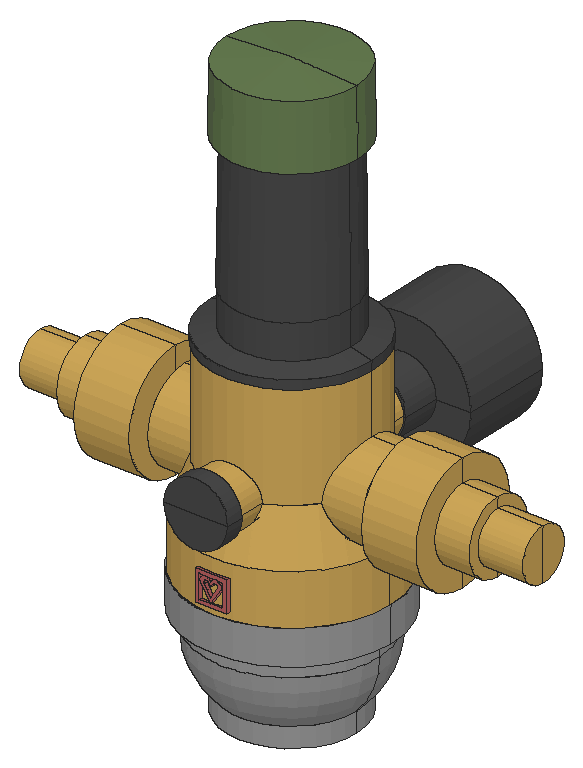
Revit family "HERZ Diaphragm Pressure Reducing Valve With Plastic Cap 2682", category Rohrzubehör, Revit 2019
Family settings
  Bemaßung runder Anschluss = Durchmesser verwenden
  Teiletyp = Unterbricht
  OmniClass-Nummer = 23.65.55.14
  OmniClass-Titel = Valves for Liquid Services
  Arbeitsebenenbasiert = Nein
  Immer vertikal = Ja
  Beim Laden mit Abzugskörper schneiden = Nein
  Gemeinsam genutzt = Nein
Parameters (values of type "Manometer back")
  Part number [instance] = size_lookup("2682_K_", "Artnr", 0, Nennweite)  # 1268211
  Note = "Pursuant to Article 33 of the REACH Regulation (EC No. 1907/2006), we are obliged to point out that the material lead is listed on the SVHC list and that all brass components manufactured in our products exceed 0.1% (w / w) lead (CAS: 7439-92-1 / EINECS: 231-100-4).\r\nSince lead is a component part of an alloy, actual exposure is not possible and therefore no additional information on safe use is necessary."
  Factory settings = 300000.0 Pa  # constant formula
  W01 = 91.00°  # constant formula
  Vorne [instance] = no
  VRL03 [instance] = size_lookup("2682_K_", "VRL3", 1.000 mm, Nennweite)  # 23.500 mm
  VRL02 [instance] = size_lookup("2682_K_", "VRL2", 1.000 mm, Nennweite)  # 16.000 mm
  VRL01 [instance] = size_lookup("2682_K_", "VRL1", 1.000 mm, Nennweite)  # 73.500 mm
  VRD02 [instance] = size_lookup("2682_K_", "VRD2", 1.000 mm, Nennweite)  # 17.000 mm
  VRD01 [instance] = size_lookup("2682_K_", "VRD1", 1.000 mm, Nennweite)  # 10.500 mm
  VRAG [instance] = Nennweite / 2  # 7.500 mm
  URL = "www.herzvalves.com"
  Standard = "EN 1567"  # constant formula
  Spring = "spring steel"  # constant formula
  SC_NennweiteBerechnet = 0
  SC_Dimension = ""
  SCTWSEQ = "AW;SBT_TYP_AW=\"111\";2"
  SCTWCODE = "04;24;02"  # constant formula
  S02 = 10.000 mm  # constant formula
  S01 [instance] = VRD02 * 2  # 34.000 mm
  R07 [instance] = R05 + 0.800 mm  # 9.300 mm
  R06 = 19.500 mm  # constant formula
  R05 [instance] = size_lookup("2682_K_", "R5", 1.000 mm, Nennweite)  # 8.500 mm
  R04 [instance] = size_lookup("2682_K_", "R4", 1.000 mm, Nennweite)  # 18.900 mm
  R03 [instance] = size_lookup("2682_K_", "R3", 1.000 mm, Nennweite)  # 19.250 mm
  R02 [instance] = size_lookup("2682_K_", "R2", 1.000 mm, Nennweite)  # 28.750 mm
  R01 [instance] = size_lookup("2682_K_", "R1", 1.000 mm, Nennweite)  # 23.250 mm
  Upper part = "PA6.6"  # constant formula
  Nennweite [instance] = 15.000 mm
  Max. operating temperature = 40 °C  # constant formula
  Diaphragm = "EPDM"  # constant formula
  Medium = "water"  # constant formula
  Max. inlet pressure = 1600000.0 Pa  # constant formula
  Manometer scale = "0 - 10 bar"  # constant formula
  Pressure gauge connectors = "1/4\" F (ISO 228-1)"
  LO01 [instance] = H02 - 2.000 mm  # 27.000 mm
  L01 [instance] = size_lookup("2682_K_", "L1", 1.000 mm, Nennweite)  # 10.600 mm
  L00 [instance] = size_lookup("2682_K_", "L", 1.000 mm, Nennweite)  # 84.000 mm
  Bottom cover = "PA12, transparent"  # constant formula
  Hinten [instance] = yes
  Hersteller = "HERZ Armaturen Ges.m.b.H."  # constant formula
  Handle = "PA 6.6, green"  # constant formula
  H12 [instance] = size_lookup("2682_K_", "H12", 1.000 mm, Nennweite)  # 5.800 mm
  H11 [instance] = size_lookup("2682_K_", "H11", 1.000 mm, Nennweite)  # 10.000 mm
  H10 [instance] = size_lookup("2682_K_", "H10", 1.000 mm, Nennweite)  # 37.000 mm
  H09 [instance] = H01 + H04 - H05  # 84.500 mm
  H08 [instance] = size_lookup("2682_K_", "H8", 1.000 mm, Nennweite)  # 20.000 mm
  H07 [instance] = size_lookup("2682_K_", "H7", 1.000 mm, Nennweite)  # 10.000 mm
  H06 [instance] = size_lookup("2682_K_", "H6", 1.000 mm, Nennweite)  # 2.500 mm
  H05 [instance] = size_lookup("2682_K_", "H5", 1.000 mm, Nennweite)  # 4.700 mm
  H04 [instance] = size_lookup("2682_K_", "H4", 1.000 mm, Nennweite)  # 58.700 mm
  H03 [instance] = D02 + 1.000 mm  # 14.220 mm
  H02 [instance] = size_lookup("2682_K_", "H2", 1.000 mm, Nennweite)  # 29.000 mm
  H01 [instance] = size_lookup("2682_K_", "H1", 1.000 mm, Nennweite)  # 30.500 mm
  GT1 [instance] = size_lookup("2682_K_", "GT1", 1.000 mm, Nennweite)  # 12.000 mm
  GT [instance] = size_lookup("2682_K_", "GT", 1.000 mm, Nennweite)  # 13.200 mm
  Filter = "stainless stee, mesh size 0.3 mm"  # constant formula
  Spring guide = "stainless steel"  # constant formula
  Outlet pressure range = "1.5 - 6 bar"  # constant formula
  Sealing = "EPDM"  # constant formula
  D09 [instance] = size_lookup("2682_K_", "D9", 1.000 mm, Nennweite)  # 19.000 mm
  D08 [instance] = size_lookup("2682_K_", "D8", 1.000 mm, Nennweite)  # 25.800 mm
  D07 [instance] = size_lookup("2682_K_", "D7", 1.000 mm, Nennweite)  # 29.000 mm
  D06 [instance] = size_lookup("2682_K_", "D6", 1.000 mm, Nennweite)  # 16.000 mm
  D05 [instance] = size_lookup("2682_K_", "D5", 1.000 mm, Nennweite)  # 16.800 mm
  D04 [instance] = size_lookup("2682_K_", "D4", 1.000 mm, Nennweite)  # 17.300 mm
  D03 [instance] = size_lookup("2682_K_", "D3", 1.000 mm, Nennweite)  # 23.500 mm
  D02 [instance] = size_lookup("2682_K_", "D2", 1.000 mm, Nennweite)  # 13.220 mm
  D01 [instance] = size_lookup("2682_K_", "D1", 1.000 mm, Nennweite)  # 9.525 mm
  Body = "forged brass acc. to EN 12165; CW626N"  # constant formula
  B03 = 5.000 mm  # constant formula
  B02 = 26.000 mm  # constant formula
  B01 [instance] = size_lookup("2682_K_", "B1", 1.000 mm, Nennweite)  # 30.000 mm
  B00 [instance] = size_lookup("2682_K_", "B", 1.000 mm, Nennweite)  # 67.000 mm
  External thread = "acc. to ISO 7-1 and ISO228"  # constant formula
  Application = "The pressure reducing valve protects installations against over pressure (reduces input pressure to a working level).\r\nIt can also be used in heating systems to protect boiler against increased pressure.\r\nThe outlet pressure is adjustable and does not vary with changes of the inlet pressure.\r\nThe outlet pressure can be adjusted by turning the green handle.\r\nTurning the handle clockwise increases the outlet pressure.\r\nTurning above the stated values on the pressure reducer scale may damage the valve.\r\nWe recommend the max. outlet pressure of 4 bar for private house installations (product long life, costs,...).\r\nAfter each new setting of the outlet pressure, the regulated pipe has to be opened and closed."
Types (3, lengths in mm): name | Note | Vorne | URL | Hinten | Application
  (no name) | "Pursuant to Article 33 of the REACH Regulation (EC No. 1907/2006), we are obliged to point out that the material lead is listed on the SVHC list and that all brass components manufactured in our products exceed 0.1% (w / w) lead (CAS: 7439-92-1 / EINECS: 231-100-4).\r\nSince lead is a component part of an alloy, actual exposure is not possible and therefore no additional information on safe use is necessary." | no | "www.herzvalves.com" | yes | "The pressure reducing valve protects installations against over pressure (reduces input pressure to a working level).\r\nIt can also be used in heating systems to protect boiler against increased pressure.\r\nThe outlet pressure is adjustable and does not vary with changes of the inlet pressure.\r\nThe outlet pressure can be adjusted by turning the green handle.\r\nTurning the handle clockwise increases the outlet pressure.\r\nTurning above the stated values on the pressure reducer scale may damage the valve.\r\nWe recommend the max. outlet pressure of 4 bar for private house installations (product long life, costs,...).\r\nAfter each new setting of the outlet pressure, the regulated pipe has to be opened and closed."
  Manometer front | "Gemäß Art 33 der REACH-Verordnung (EG Nr. 1907/2006) sind wir verpflichtet, darauf hinzuweisen, dass der Stoff Blei auf der SVHC-Liste geführt wird und dass alle aus Messing bestehenden Bauteile, die in unseren Erzeugnissen verarbeitet sind, mehr als 0,1 % (w/w) Blei (CAS: 7439-92-1 / EINECS: 231-100-4) enthalten.\r\nDa Blei als Legierungsbestandteil fest gebunden ist, sind keine Expositionen zu erwarten und daher sind keine zusätzlichen Angaben zur sicheren Verwendung notwendig." | yes | "www.herz-armaturen.at" | no | "Typischerweise dient der Druckreduzierer dazu, Installationen beziehungsweise Anlagen vor zu hohem Druck zu schützen.\r\nWeiters können Druckreduzierer in Heizungsanlagen eingesetzt werden, um zu hohe Drücke im Boiler zu verhindern.\r\nDer Druck nach dem Druckreduzierer ist im angegebenen Bereich einstellbar und steht nicht im Zusammenhang mit dem Vordruck.\r\nUm den Druck nach dem Druckreduzierer zu steigern, muss der Handgriff im Uhrzeigersinn gedreht werden.\r\nDurch das Einstellen von Drücken, welche die vorgegebene Skala überschreiten, können Schäden am Druckreduzierer entstehen.\r\nWir empfehlen einen maximalen Hinterdruck sekundärseitig von 4 bar für Anlagen in privaten Haushalten (lange Produktlebensdauer, geringe Kosten).\r\nNach jeder Änderung des Einstellwertes muss die Ausgangsseite druckentlastet werden, zum Beispiel durch Wasserzapfen."
  Manometer back | "Pursuant to Article 33 of the REACH Regulation (EC No. 1907/2006), we are obliged to point out that the material lead is listed on the SVHC list and that all brass components manufactured in our products exceed 0.1% (w / w) lead (CAS: 7439-92-1 / EINECS: 231-100-4).\r\nSince lead is a component part of an alloy, actual exposure is not possible and therefore no additional information on safe use is necessary." | no | "www.herzvalves.com" | yes | "The pressure reducing valve protects installations against over pressure (reduces input pressure to a working level).\r\nIt can also be used in heating systems to protect boiler against increased pressure.\r\nThe outlet pressure is adjustable and does not vary with changes of the inlet pressure.\r\nThe outlet pressure can be adjusted by turning the green handle.\r\nTurning the handle clockwise increases the outlet pressure.\r\nTurning above the stated values on the pressure reducer scale may damage the valve.\r\nWe recommend the max. outlet pressure of 4 bar for private house installations (product long life, costs,...).\r\nAfter each new setting of the outlet pressure, the regulated pipe has to be opened and closed."
Reference planes
  plane 1 "Mitte (Vorne/hinten)": y = 0
  plane 2: z = 0
  plane 3 "Mitte (Links/rechts)": x = 0
Forms (mm)
  Revolve 1, solid, material "Messing, weicher Gelbton, geschweißt", detail levels fine
    sketch origin (0, 0, 0) x (1, 0, 0) y (0, 0, 1)
      loop
        line (-42, 0) -> (42, 0) -> (42, 9.525) -> (31.4, 9.525) -> (31.4, 13.22) -> (-31.4, 13.22) -> (-31.4, 9.525) -> (-42, 9.525) -> (-42, 0)
      axis (-42, 0) -> (42, 0)
    angle from 0 to 360
  Revolve 2, solid, material "Messing, weicher Gelbton, geschweißt", detail levels fine
    sketch origin (0, 0, 0) x (1, 0, 0) y (0, 0, 1)
      loop
        line (0, -29) -> (28.75, -29) -> (28.75, -14.22) -> (23.25, 0) -> (23.25, 30.5) -> (0, 30.5) -> (0, -29)
      axis (0, 30.5) -> (0, -29)
    angle from 0 to 360
  Revolve 3, solid, material "Acetalharz, Schwarz", detail levels fine
    sketch origin (0, 0, 0) x (1, 0, 0) y (0, 0, 1)
      loop
        line (0, 30.5) -> (0, 89.2) -> (-16, 89.2) -> (-16, 84.5) -> (-16.8, 84.5) -> (-17.3, 44.5) -> (-17.3, 34.5) -> (-23.5, 33) -> (-23.5, 30.5) -> (0, 30.5)
      axis (0, 89.2) -> (0, 30.5)
    angle from 0 to 360
  Revolve 4, solid, material "Kunststoff GRÜN", detail levels fine
    sketch origin (0, 0, 0) x (1, 0, 0) y (0, 0, 1)
      loop
        line (0, 84.5) -> (19.25, 84.5) -> (18.9, 103.392)
        arc (18.9, 103.392) -> (9.466, 104.223) -> (0, 104.5) r 161.794
        line (0, 104.5) -> (0, 84.5)
      axis (0, 104.5) -> (0, 84.5)
    angle from 0 to 360
  Revolve 5, solid, material "Kunststoff, transparent", detail levels fine
    sketch origin (0, 0, 0) x (1, 0, 0) y (0, 0, 1)
      loop
        line (0, -29) -> (0, -66) -> (19, -66) -> (19, -60.2)
        arc (19, -60.2) -> (24.034, -52.577) -> (25.8, -43.615) r 23.626
        line (25.8, -43.615) -> (25.8, -39) -> (29, -39) -> (29, -29) -> (0, -29)
      axis (0, -29) -> (0, -66)
    angle from 0 to 360
  Revolve 6, solid, material "Messing, weicher Gelbton, geschweißt", detail levels fine
    sketch origin (0, 0, 0) x (1, 0, 0) y (0, 0, 1)
      loop
        line (34, 9.525) -> (46, 9.525) -> (46, 0) -> (73.5, 0) -> (73.5, 7.5) -> (60.3, 7.5) -> (60.3, 10.5) -> (50, 10.5) -> (50, 17) -> (34, 17) -> (34, 9.525)
      loop
        line (-34, 9.525) -> (-34, 17) -> (-50, 17) -> (-50, 10.5) -> (-60.3, 10.5) -> (-60.3, 7.5) -> (-73.5, 7.5) -> (-73.5, 0) -> (-46, 0) -> (-46, 9.525) -> (-34, 9.525)
      axis (-73.5, 0) -> (73.5, 0)
    angle from 0 to 360
  Revolve 7, solid, material "Messing, weicher Gelbton, geschweißt", detail levels fine
    sketch origin (0, 0, 0) x (1, 0, 0) y (0, 1, 0)
      loop
        line (0, 30) -> (0, -30) -> (8.5, -30) -> (8.5, 30) -> (0, 30)
      axis (0, 30) -> (0, -30)
    angle from 0 to 360
  Revolve 8, solid, material "Acetalharz, Schwarz", visible <- "Vorne", detail levels fine
    sketch origin (0, 0, 0) x (1, 0, 0) y (0, 1, 0)
      loop
        line (0, -30) -> (0, -65) -> (17.5, -65) -> (17.5, -67) -> (19.5, -67) -> (19.5, -41) -> (9.3, -41) -> (9.3, -30) -> (0, -30)
      axis (0, -30) -> (0, -67)
    angle from 0 to 360
  Revolve 9, solid, material "Acetalharz, Schwarz", visible <- "Vorne", detail levels fine
    sketch origin (0, 0, 0) x (1, 0, 0) y (0, 1, 0)
      loop
        line (0, 30) -> (9.3, 30) -> (9.3, 35) -> (0, 35) -> (0, 30)
      axis (0, 35) -> (0, 30)
    angle from 0 to 360
  Revolve 10, solid, material "Acetalharz, Schwarz", visible <- "Hinten", detail levels fine
    sketch origin (0, 0, 0) x (1, 0, 0) y (0, -1, 0)
      loop
        line (0, 30) -> (9.3, 30) -> (9.3, 35) -> (0, 35) -> (0, 30)
      axis (0, 35) -> (0, 30)
    angle from 0 to 360
  Revolve 11, solid, material "Acetalharz, Weiß", visible <- "Vorne", detail levels fine
    sketch origin (0, 0, 0) x (1, 0, 0) y (0, 1, 0)
      loop
        line (0, -65) -> (0, -66.5) -> (17.5, -66.5) -> (17.5, -65) -> (0, -65)
      axis (0, -65) -> (0, -66.5)
    angle from 0 to 360
  Revolve 12, solid, material "Acetalharz, Schwarz", visible <- "Hinten", detail levels fine
    sketch origin (0, 0, 0) x (1, 0, 0) y (0, -1, 0)
      loop
        line (0, -30) -> (0, -65) -> (17.5, -65) -> (17.5, -67) -> (19.5, -67) -> (19.5, -41) -> (9.3, -41) -> (9.3, -30) -> (0, -30)
      axis (0, -30) -> (0, -67)
    angle from 0 to 360
  Revolve 13, solid, material "Acetalharz, Weiß", visible <- "Hinten", detail levels fine
    sketch origin (0, 0, 0) x (1, 0, 0) y (0, -1, 0)
      loop
        line (0, -65) -> (0, -66.5) -> (17.5, -66.5) -> (17.5, -65) -> (0, -65)
      axis (0, -65) -> (0, -66.5)
    angle from 0 to 360
Lines and regions (mm)
  model lines, detail levels coarse+medium
    curve 1: line (-42, 0, -17) -> (-42, 0, 17)
    curve 2: line (-42, 0, 17) -> (42, 0, -34)
    curve 3: line (42, 0, -34) -> (42, 0, 34)
    curve 4: line (42, 0, 34) -> (-42, 0, -17)
    curve 5: line (-42, 0, 17) -> (-52, 0, 17)
    curve 6: line (-52, 0, 17) -> (-42, 0, 0)
    curve 7: line (-42, 0, -17) -> (-52, 0, -17)
    curve 8: line (-52, 0, -17) -> (-42, 0, 0)
    curve 9: line (-42, 0, 0) -> (-73.5, 0, 0)
    curve 10: line (42, 0, 17) -> (52, 0, 17)
    curve 11: line (52, 0, 17) -> (42, 0, 0)
    curve 12: line (42, 0, -17) -> (52, 0, -17)
    curve 13: line (52, 0, -17) -> (42, 0, 0)
    curve 14: line (42, 0, 0) -> (73.5, 0, 0)
    curve 15: line (-42, -17, 0) -> (-42, 17, 0)
    curve 16: line (-42, 17, 0) -> (42, -34, 0)
    curve 17: line (42, -34, 0) -> (42, 34, 0)
    curve 18: line (42, 34, 0) -> (-42, -17, 0)
    curve 19: line (-42, 17, 0) -> (-52, 17, 0)
    curve 20: line (-52, 17, 0) -> (-42, 0, 0)
    curve 21: line (-42, -17, 0) -> (-52, -17, 0)
    curve 22: line (-52, -17, 0) -> (-42, 0, 0)
    curve 23: line (42, 0, -17) -> (42, 0, 17)
    curve 24: line (42, 0, 17) -> (52, 0, 17)
    curve 25: line (52, 0, 17) -> (42, 0, 0)
    curve 26: line (42, 17, 0) -> (52, 17, 0)
    curve 27: line (52, 17, 0) -> (42, 0, 0)
    curve 28: line (42, -17, 0) -> (52, -17, 0)
    curve 29: line (52, -17, 0) -> (42, 0, 0)
Dimensions and locks
  equal spacing: Revolve 1 sketch curve, plane 3 "Mitte (Links/rechts)", Revolve 1 sketch curve
  "L00": Revolve 1 sketch curve to Revolve 1 sketch curve
  "L01": Revolve 1 sketch curve to Revolve 1 sketch curve  (x2)
  "D01": Revolve 1 sketch curve to Revolve 1 sketch curve  (x2)
  "D02": Revolve 1 sketch curve to plane 2
  "R01": Revolve 2 sketch curve to Revolve 2 sketch curve
  "R02": Revolve 2 sketch curve to Revolve 2 sketch curve
  "H01": Revolve 2 sketch curve to plane 2
  "H02": plane 2 to Revolve 2 sketch curve
  "H03": plane 2 to Revolve 2 sketch curve
  "H01": Revolve 3 sketch curve to plane 2
  "H04": Revolve 3 sketch curve to Revolve 3 sketch curve
  "H05": Revolve 3 sketch curve to Revolve 3 sketch curve
  "H06": Revolve 3 sketch curve to Revolve 3 sketch curve
  "H07": Revolve 3 sketch curve to Revolve 3 sketch curve
  "D03": Revolve 3 sketch curve to Revolve 3 sketch curve
  "D04": Revolve 3 sketch curve to Revolve 3 sketch curve
  "D05": Revolve 3 sketch curve to Revolve 3 sketch curve
  "D06": Revolve 3 sketch curve to Revolve 3 sketch curve
  "R03": Revolve 4 sketch curve to Revolve 4 sketch curve
  "H08": Revolve 4 sketch curve to Revolve 4 sketch curve
  "R04": Revolve 4 sketch curve to plane 3 "Mitte (Links/rechts)"
  "H09": Revolve 4 sketch curve to plane 2
  "H10": Revolve 5 sketch curve to Revolve 5 sketch curve
  "H02": plane 2 to Revolve 5 sketch curve
  "D07": Revolve 5 sketch curve to Revolve 5 sketch curve
  "H11": Revolve 5 sketch curve to Revolve 5 sketch curve
  "D08": Revolve 5 sketch curve to Revolve 5 sketch curve
  "H12": Revolve 5 sketch curve to Revolve 5 sketch curve
  "D09": Revolve 5 sketch curve to Revolve 5 sketch curve
  "VRL02": Revolve 6 sketch curve to Revolve 6 sketch curve  (x2)
  "VRL01": Revolve 6 sketch curve to plane 3 "Mitte (Links/rechts)"
  "GT": Revolve 6 sketch curve to Revolve 6 sketch curve  (x2)
  "VRL03": Revolve 6 sketch curve to Revolve 6 sketch curve  (x2)
  "D01": Revolve 6 sketch curve to plane 2  (x2)
  "GT1": Revolve 6 sketch curve to Revolve 6 sketch curve  (x2)
  "VRAG": Revolve 6 sketch curve to plane 2  (x2)
  "VRD01": Revolve 6 sketch curve to plane 2  (x2)
  "VRD02": Revolve 6 sketch curve to Revolve 6 sketch curve  (x2)
  "VRL01": plane 3 "Mitte (Links/rechts)" to Revolve 6 sketch curve
  "B01": Revolve 7 sketch curve to plane 1 "Mitte (Vorne/hinten)" to Revolve 7 sketch curve
  "R05": Revolve 7 sketch curve to Revolve 7 sketch curve
  "B00": Revolve 8 sketch curve to plane 1 "Mitte (Vorne/hinten)"
  "B01": plane 1 "Mitte (Vorne/hinten)" to Revolve 8 sketch curve
  "B02": Revolve 8 sketch curve to Revolve 8 sketch curve
  "R06": Revolve 8 sketch curve to Revolve 8 sketch curve
  "R07": Revolve 8 sketch curve to Revolve 8 sketch curve
  "R02": nested 1 to plane 1 "Mitte (Vorne/hinten)"
  "LO01": plane 2 to nested 1
  "VRD02": curve 2 to plane 2 to curve 4
  "S01": curve 4 to plane 2 to curve 3
  equal spacing: curve 3, plane 3 "Mitte (Links/rechts)", curve 1
  "L00": curve 3 to curve 1
  "S02": curve 1 to curve 6
  "S02": curve 1 to curve 8
  "VRL01": plane 3 "Mitte (Links/rechts)" to curve 9
  "S02": curve 11 to curve 3
  "S02": curve 13 to curve 3
  "VRL01": curve 14 to plane 3 "Mitte (Links/rechts)"
  "VRD02": curve 10 to plane 2 to curve 12
  equal spacing: curve 15, plane 3 "Mitte (Links/rechts)", curve 17
  "L00": curve 15 to curve 17
  "VRD02": curve 18 to plane 1 "Mitte (Vorne/hinten)" to curve 16
  "S01": curve 17 to plane 1 "Mitte (Vorne/hinten)" to curve 18
  "S02": curve 20 to curve 15
  "S02": curve 22 to curve 15
  "S02": curve 17 to curve 27
  "S02": curve 17 to curve 29
  "VRD02": curve 28 to plane 1 "Mitte (Vorne/hinten)" to curve 26
  "R07": Revolve 9 sketch curve to Revolve 9 sketch curve
  "B01": plane 1 "Mitte (Vorne/hinten)" to Revolve 9 sketch curve
  "B03": Revolve 9 sketch curve to Revolve 9 sketch curve
  "R07": Revolve 10 sketch curve to Revolve 10 sketch curve
  "B03": Revolve 10 sketch curve to Revolve 10 sketch curve
  "B01": Revolve 10 sketch curve to plane 1 "Mitte (Vorne/hinten)"
  "B02": Revolve 12 sketch curve to Revolve 12 sketch curve
  "R06": Revolve 12 sketch curve to Revolve 12 sketch curve
  "R07": Revolve 12 sketch curve to Revolve 12 sketch curve
  aligned and locked: level to plane 2
Automatic sketch dimensions
  Revolve 11 sketch curve to plane 3 "Mitte (Links/rechts)" = 0.000 mm  (x2)
  plane 3 "Mitte (Links/rechts)" to Revolve 11 sketch curve = 17.500 mm
  plane 1 "Mitte (Vorne/hinten)" to Revolve 11 sketch curve = 66.500 mm
  Revolve 11 sketch curve to Revolve 11 sketch curve = 1.500 mm
  Revolve 11 sketch curve to Revolve 11 sketch curve = 1933.500 mm
  Revolve 11 sketch curve to plane 1 "Mitte (Vorne/hinten)" = 2000.000 mm
  Revolve 13 sketch curve to plane 3 "Mitte (Links/rechts)" = 0.000 mm  (x2)
  Revolve 13 sketch curve to plane 3 "Mitte (Links/rechts)" = 17.500 mm
  plane 1 "Mitte (Vorne/hinten)" to Revolve 13 sketch curve = 66.500 mm
  Revolve 13 sketch curve to Revolve 13 sketch curve = 1.500 mm
  Revolve 13 sketch curve to Revolve 13 sketch curve = 1933.500 mm
  Revolve 13 sketch curve to plane 1 "Mitte (Vorne/hinten)" = 2000.000 mm
  curve 25 to level = 0.000 mm
  curve 14 to level = 0.000 mm
  curve 6 to level = 0.000 mm
  curve 8 to level = 0.000 mm
  curve 24 to curve 10 = 0.000 mm
  plane 1 "Mitte (Vorne/hinten)" to curve 29 = 0.000 mm
  plane 1 "Mitte (Vorne/hinten)" to curve 20 = 0.000 mm
  Revolve 1 sketch curve to level = 0.000 mm  (x2)
  Revolve 1 sketch curve to Revolve 1 sketch curve = 1464.530 mm
  Revolve 1 sketch curve to Revolve 1 sketch curve = 1797.148 mm
  Revolve 2 sketch curve to plane 3 "Mitte (Links/rechts)" = 0.000 mm  (x2)
  Revolve 2 sketch curve to level = 0.000 mm
  Revolve 2 sketch curve to Revolve 2 sketch curve = 337.045 mm
  Revolve 2 sketch curve to Revolve 2 sketch curve = 2183.815 mm
  Revolve 3 sketch curve to plane 3 "Mitte (Links/rechts)" = 0.000 mm  (x2)
  Revolve 3 sketch curve to Revolve 3 sketch curve = 1.500 mm
  Revolve 3 sketch curve to level = 366.045 mm
  Revolve 3 sketch curve to Revolve 3 sketch curve = 2125.115 mm
  Revolve 4 sketch curve to plane 3 "Mitte (Links/rechts)" = 0.000 mm  (x2)
  Revolve 4 sketch curve to level = 57.294 mm
  Revolve 4 sketch curve to Revolve 4 sketch curve = 308.751 mm
  Revolve 4 sketch curve to Revolve 4 sketch curve = 2109.815 mm
  Revolve 5 sketch curve to plane 3 "Mitte (Links/rechts)" = 0.000 mm  (x2)
  plane 3 "Mitte (Links/rechts)" to Revolve 5 sketch curve = 2.174 mm
  Revolve 5 sketch curve to Revolve 5 sketch curve = 300.045 mm
  level to Revolve 5 sketch curve = 2214.315 mm
  Revolve 6 sketch curve to level = 0.000 mm  (x3)
  Revolve 6 sketch curve to Revolve 6 sketch curve = 1433.030 mm
  Revolve 6 sketch curve to Revolve 6 sketch curve = 1765.648 mm
  Revolve 7 sketch curve to plane 3 "Mitte (Links/rechts)" = 0.000 mm  (x2)
  Revolve 7 sketch curve to Revolve 7 sketch curve = 1950.000 mm  (x2)
  Revolve 8 sketch curve to plane 3 "Mitte (Links/rechts)" = 0.000 mm  (x2)
  Revolve 8 sketch curve to Revolve 8 sketch curve = 2.000 mm  (x2)
  Revolve 8 sketch curve to Revolve 8 sketch curve = 0.000 mm
  Revolve 8 sketch curve to plane 1 "Mitte (Vorne/hinten)" = 2000.000 mm
  Revolve 9 sketch curve to plane 3 "Mitte (Links/rechts)" = 0.000 mm  (x2)
  plane 1 "Mitte (Vorne/hinten)" to Revolve 9 sketch curve = 2000.000 mm
  Revolve 9 sketch curve to Revolve 9 sketch curve = 1963.119 mm
  Revolve 10 sketch curve to plane 3 "Mitte (Links/rechts)" = 0.000 mm  (x2)
  plane 1 "Mitte (Vorne/hinten)" to Revolve 10 sketch curve = 2000.000 mm
  Revolve 10 sketch curve to Revolve 10 sketch curve = 1963.119 mm
  Revolve 12 sketch curve to plane 3 "Mitte (Links/rechts)" = 0.000 mm  (x2)
  Revolve 12 sketch curve to Revolve 12 sketch curve = 2.000 mm  (x2)
  plane 1 "Mitte (Vorne/hinten)" to Revolve 12 sketch curve = 67.000 mm
  Revolve 12 sketch curve to Revolve 12 sketch curve = 11.000 mm
  Revolve 12 sketch curve to Revolve 12 sketch curve = 0.000 mm
  Revolve 12 sketch curve to plane 1 "Mitte (Vorne/hinten)" = 2000.000 mm
Nested families
  nested 1: "Herz-Logo-vorne" at (0, -28.75, -22.5) x (0, 1, 0) z (0, 0, 1), type "Herz-Logo-vorne", detail levels fine
Connectors
  piping at (73.5, 0, 0), diameter 15, driven by "Nennweite"
    settings: on Revolve 6, index 1, connector inside diameter 609.6 mm, connector length 0.000 mm, flow factor 0, pipe flow 0.0 L/s, pressure drop 0.0 Pa, fitting loss kfactor 0, connector angle 0.00°, fixture units 0, engagement length 0.000 mm, angle of deflection 0.00°, flow configuration 0, flow direction 2, fitting loss method 0, system type 29, joint type 0, gender type 0, connector reference index -1, connector utility 0, adjustable connector no, is connector primary yes, connector description ""
  piping at (-73.5, 0, 0), diameter 15, driven by "Nennweite"
    settings: on Revolve 6, index 2, connector inside diameter 609.6 mm, connector length 0.000 mm, flow factor 0, pipe flow 0.0 L/s, pressure drop 0.0 Pa, fitting loss kfactor 0, connector angle 0.00°, fixture units 0, engagement length 0.000 mm, angle of deflection 0.00°, flow configuration 0, flow direction 1, fitting loss method 0, system type 29, joint type 0, gender type 0, connector reference index -1, connector utility 0, adjustable connector no, is connector primary no, connector description ""
Definition of nested family "Herz-Logo-vorne"
  Reference planes
    plane 1 "Mitte (Vorne/hinten)": y = 0
    plane 2: z = 0
    plane 3 "Mitte (Links/rechts)": x = 0
  Forms (mm)
    Extrusion 1, solid
      sketch origin (0.732, -0.018, 0.017) x (0, -1, 0) y (0, 0, 1)
        loop
          line (-0.018, -4.517) -> (4.482, -4.517) -> (4.482, 4.483) -> (-4.518, 4.483) -> (-4.518, -4.517) -> (-0.018, -4.517)
        loop
          line (-0.05, -3.48) -> (3.482, -3.48) -> (3.482, 3.483) -> (-3.518, 3.483) -> (-3.518, -3.48) -> (-0.05, -3.48)
        loop
          arc (-0.018, 2.383) -> (-1.543, 3.287) -> (-3.067, 2.383) r 1.738
          arc (-3.067, 2.383) -> (-3.191, 1.899) -> (-3.067, 1.415) r 1.009
          line (-3.067, 1.415) -> (-0.018, -3.281) -> (3.032, 1.415)
          arc (3.032, 1.415) -> (3.156, 1.899) -> (3.032, 2.383) r 1.009
          arc (3.032, 2.383) -> (1.507, 3.287) -> (-0.018, 2.383) r 1.738
        loop
          arc (1.885, 1.272) -> (2.005, 1.675) -> (1.885, 2.079) r 0.74
          arc (1.885, 2.079) -> (1.265, 2.416) -> (0.644, 2.079) r 0.74
          line (0.644, 2.079) -> (-0.018, 0.97) -> (-0.679, 2.079)
          arc (-0.679, 2.079) -> (-1.3, 2.416) -> (-1.921, 2.079) r 0.74
          arc (-1.921, 2.079) -> (-2.04, 1.675) -> (-1.921, 1.272) r 0.74
          line (-1.921, 1.272) -> (-0.018, -1.658) -> (1.885, 1.272)
      from 0 to 1.5
  Dimensions and locks
    aligned and locked: level to plane 2
